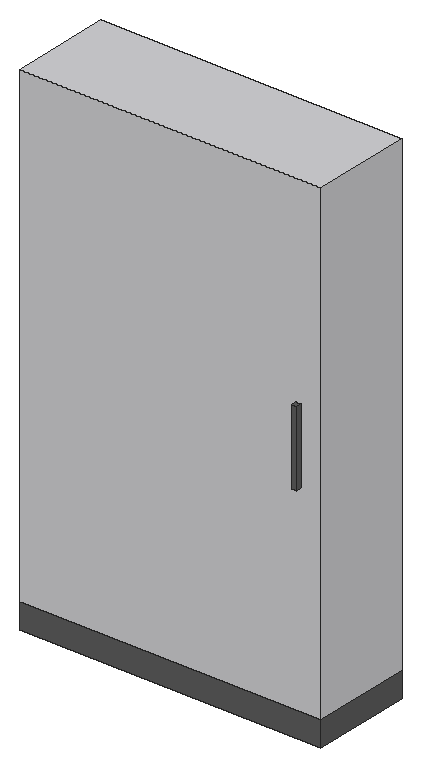
Revit family "EQ_DB Floor Standing", category Electrical Equipment, Revit 2025
Family settings
  Panel Configuration = Two Columns, Circuits Across
  Round Connector Dimension = Use Diameter
  Part Type = Panelboard
  OmniClass Number = 23.80.30.11.17
  OmniClass Title = Distribution Boards and Control Panels
  Work Plane-Based = No
  Always vertical = Yes
  Cut with Voids When Loaded = No
  Maintain Annotation Orientation = No
  Shared = No
  Room Calculation Point = No
Parameters (values of type "DB 400/230V")
  built-in parameter 1140142 [instance] = -1
  built-in parameter 1140140 [instance] = 1 (stored number, unit not read)
  built-in parameter 1155100 [instance] = -1
  EL Voltage [instance] = 400 V
  EL Number of Poles [instance] = 3
  Default Elevation = 0 mm
Reference planes
  plane 1 "Center (Front/Back)": y = 0
  plane 2: z = 0
  plane 3 "Center (Left/Right)": x = 0
Forms (mm)
  Extrusion 1, solid, material "Plinth Black"
    sketch origin (0, 0, 0) x (1, 0, 0) y (0, 1, 0)
      loop
        line (-600, -200) -> (600, -200) -> (600, 200) -> (-600, 200) -> (-600, -200)
    from 0 to 100
  Extrusion 2, solid, material "DB Grey"
    sketch origin (0, 0, 100) x (1, 0, 0) y (0, 1, 0)
      loop
        line (-600, -200) -> (600, -200) -> (600, 200) -> (-600, 200) -> (-600, -200)
    from 0 to 1900
  Extrusion 3, solid, material "Plinth Black"
    sketch origin (0, 0, 900) x (1, 0, 0) y (0, 1, 0)
      loop
        line (500, -220) -> (520, -220) -> (520, -200) -> (500, -200) -> (500, -220)
    from 0 to 300
Dimensions and locks
  aligned and locked: level to plane 2
Connectors
  electrical at (0, 0, 2000), driven by "EL Voltage", driven by "EL Number of Poles"
    settings: on Extrusion 2, index 1, voltage 400 V, apparent load 0 VA, apparent load phase1 0 VA, apparent load phase2 0 VA, apparent load phase3 0 VA, power factor 1, load classification "Other", number of poles 3, system type 30, power factor state 1, is connector primary yes, connector utility no, sub classification motor no, connector description ""
